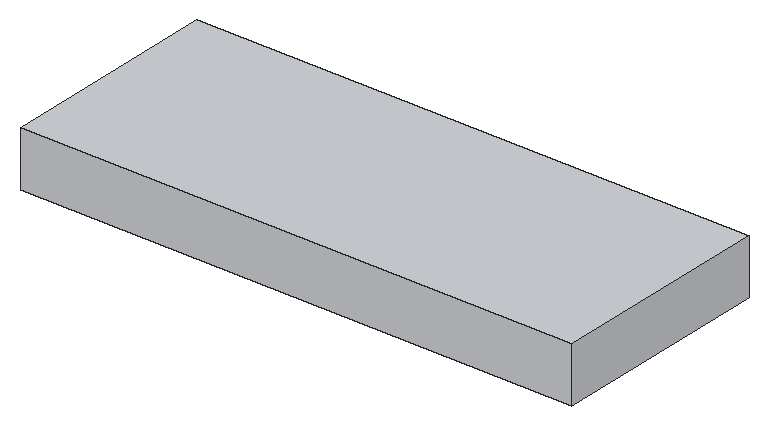
Revit family "電線管用ファミリ(片側のみ)_25", category Electrical Fixtures, Revit 2022
Family settings
  Round Connector Dimension = Use Diameter
  Part Type = Normal
  OmniClass Number = 23.80.00.00
  OmniClass Title = Electric Power and Lighting
  Work Plane-Based = No
  Always vertical = Yes
  Cut with Voids When Loaded = No
  Maintain Annotation Orientation = No
  Shared = No
  Room Calculation Point = No
Parameters
  コネクタ直径 [instance] = 16 mm
  W [instance] = 500 mm
  Default Elevation = 0 mm
  D [instance] = 200 mm
Reference planes
  plane 1 "Center (Front/Back)": y = 0
  plane 2: z = 0
  plane 3 "Center (Left/Right)": x = 0
  plane 4: x = -250
  plane 5: x = 250
  plane 6: y = 100
  plane 7: y = -100
  plane 8: z = 50
Forms (mm)
  Extrusion 1, solid
    sketch origin (0, 0, 0) x (1, 0, 0) y (0, 1, 0)
      loop
        line (-250, 100) -> (-250, -100) -> (250, -100) -> (250, 100) -> (-250, 100)
    from 0 to 50
Dimensions and locks
  equal spacing: plane 4, plane 3 "Center (Left/Right)", plane 5
  "W": plane 4 to plane 5
  equal spacing: plane 6, plane 1 "Center (Front/Back)", plane 7
  "D": plane 6 to plane 7
  aligned and locked: level to plane 2
  aligned and locked: plane 8 to Extrusion 1
Automatic sketch dimensions
  Extrusion 1 sketch curve to plane 4 = 0 mm
  Extrusion 1 sketch curve to plane 5 = 0 mm
  Extrusion 1 sketch curve to plane 7 = 0 mm
  Extrusion 1 sketch curve to plane 6 = 0 mm
Connectors
  cabletrayconduit at (0, 0, 50), diameter 16
    settings: on Extrusion 1, index 1, connector width 300 mm, connector height 300 mm, connector angle 0.00°, system type 32, placement type 0, profile type 0, connector reference index -1, is primary connector yes, connector utility param no, connector description ""
